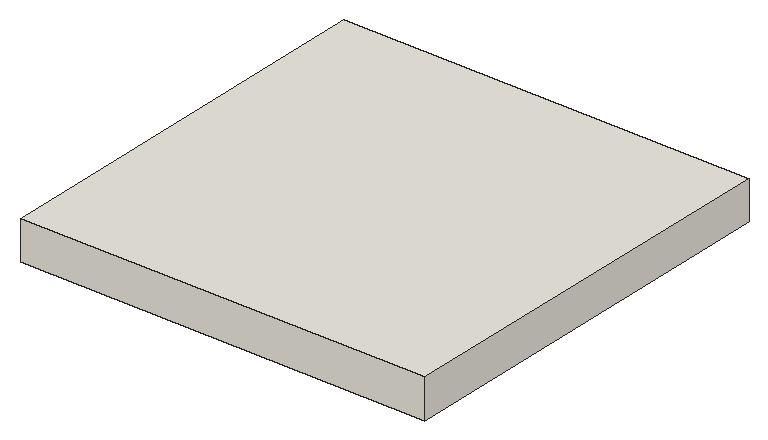
Revit family "UNIVERSAL", category Осветительные приборы, Revit 2019 (continued)
Types (12, lengths in mm): name | Файл фотометрической сетки | built-in parameter 1150105 | Lumens | built-in parameter 1150106 | built-in parameter 1150142 | Wattage | Emit from Rectangle Width | Emit from Rectangle Length | Длина | Ширина | ADSK_Ток | ADSK_Полная мощность | ADSK_Обозначение | ADSK_Номинальная мощность | ADSK_Наименование | ADSK_Код изделия
  CSVT Universal - 34/opa-sand 595x595х55 (IP20, 4000К) с БАП на 3 часа | "CSVT Universal-34_opal-sand.ies" | 246.69 (stored number, unit not read) | 3100 lm | 2.4669 (stored number, unit not read) | "IESNA:LM-63-95\r\n[TEST] Протокол № 50-12 \r\n[DATA] 20.06.2016\r\n[MORE] \r\n[MANUFAC] ЗАО \"Центрстройсвет\"\r\n[LUMCAT]  Светильник ALUMOGIPS-38/OPAL-SAND-(610x610)\r\n[LUMINAIRE]\r\n[LAMPCAT] Светодиоды\r\n[LAMP] Поток источника света (светодиодов) не известен\r\n[MORE] КСС приведена в абсолютных величинах кд\r\n[MORE] Вместо потока лампы, указан поток светильника.\r\nTILT=NONE\r\n1    3750 1.0 37 73 1 2 0.61 0.61 0.04\r\n1.0 1.0 38.7\r\n0.0 5.0 10.0 15.0 20.0 25.0 30.0 35.0 40.0 45.0 50.0 55.0 60.0 65.0 70.0 75.0 80.0 85.0 90.0 95.0 100.0 105.0 110.0 115.0 120.0 125.0 130.0 135.0 140.0 145.0 150.0 155.0 160.0 165.0 170.0 175.0 180.0\r\n0.0 5.0 10.0 15.0 20.0 25.0 30.0 35.0 40.0 45.0 50.0 55.0 60.0 65.0 70.0 75.0 80.0 85.0 90.0 95.0 100.0 105.0 110.0 115.0 120.0 125.0 130.0 135.0 140.0 145.0 150.0 155.0 160.0 165.0 170.0 175.0 180.0 185.0 190.0 195.0 200.0 205.0 210.0 215.0 220.0 225.0 230.0 235.0 240.0 245.0 250.0 255.0 260.0 265.0 270.0 275.0 280.0 285.0 290.0 295.0 300.0 305.0 310.0 315.0 320.0 325.0 330.0 335.0 340.0 345.0 350.0 355.0 360.0\r\n1391.4 1390.6 1365.7 1330.6 1277.5 1214.9 1147.5 1059.6 967.6 873.2 772.4 664.9 556.3 449.1 342.7 240.6 147.1 64.2 4.7 0.0 0.0 0.0 0.0 0.0 0.0 0.0 0.0 0.0 0.0 0.0 0.0 0.0 0.0 0.0 0.0 0.0 0.0\r\n1391.4 1390.5 1367.8 1332.7 1284.3 1221.3 1147.0 1062.1 969.2 872.4 773.2 666.3 557.1 450.1 343.8 241.9 146.9 64.7 5.2 0.0 0.0 0.0 0.0 0.0 0.0 0.0 0.0 0.0 0.0 0.0 0.0 0.0 0.0 0.0 0.0 0.0 0.0\r\n1391.4 1390.2 1372.0 1333.3 1277.3 1216.8 1144.5 1057.4 969.6 875.1 773.8 669.5 560.0 454.6 345.8 242.4 148.5 65.8 5.4 0.0 0.0 0.0 0.0 0.0 0.0 0.0 0.0 0.0 0.0 0.0 0.0 0.0 0.0 0.0 0.0 0.0 0.0\r\n1391.4 1389.8 1371.2 1330.7 1279.5 1220.5 1148.3 1059.9 967.7 873.2 767.5 666.8 561.4 453.0 347.1 243.7 149.9 65.6 5.8 0.0 0.0 0.0 0.0 0.0 0.0 0.0 0.0 0.0 0.0 0.0 0.0 0.0 0.0 0.0 0.0 0.0 0.0\r\n1391.4 1389.8 1368.3 1329.3 1285.0 1214.6 1141.1 1058.7 971.8 871.3 775.2 666.9 559.4 452.6 345.8 242.5 150.0 65.8 6.1 0.0 0.0 0.0 0.0 0.0 0.0 0.0 0.0 0.0 0.0 0.0 0.0 0.0 0.0 0.0 0.0 0.0 0.0\r\n1391.4 1390.5 1367.3 1332.3 1281.7 1219.0 1142.8 1064.6 970.5 874.4 772.1 667.5 560.2 453.0 346.2 241.8 149.4 65.7 5.6 0.0 0.0 0.0 0.0 0.0 0.0 0.0 0.0 0.0 0.0 0.0 0.0 0.0 0.0 0.0 0.0 0.0 0.0\r\n1391.4 1391.4 1368.1 1333.5 1277.3 1215.7 1139.0 1059.6 968.1 872.4 771.6 667.4 558.8 453.3 344.3 243.9 148.4 65.7 5.4 0.0 0.0 0.0 0.0 0.0 0.0 0.0 0.0 0.0 0.0 0.0 0.0 0.0 0.0 0.0 0.0 0.0 0.0\r\n1391.4 1391.7 1368.1 1330.4 1278.2 1213.9 1142.4 1061.6 967.4 875.1 772.0 669.3 561.1 452.5 345.2 242.1 148.3 65.4 5.5 0.0 0.0 0.0 0.0 0.0 0.0 0.0 0.0 0.0 0.0 0.0 0.0 0.0 0.0 0.0 0.0 0.0 0.0\r\n1391.4 1391.5 1371.0 1328.4 1278.5 1216.7 1142.1 1061.2 971.8 874.7 772.1 668.9 560.8 452.9 345.4 243.3 147.7 66.0 5.4 0.0 0.0 0.0 0.0 0.0 0.0 0.0 0.0 0.0 0.0 0.0 0.0 0.0 0.0 0.0 0.0 0.0 0.0\r\n1391.4 1391.5 1373.2 1330.5 1277.3 1215.5 1143.2 1063.6 967.0 872.7 772.2 669.4 558.9 453.2 346.6 241.9 148.1 65.2 5.5 0.0 0.0 0.0 0.0 0.0 0.0 0.0 0.0 0.0 0.0 0.0 0.0 0.0 0.0 0.0 0.0 0.0 0.0\r\n1391.4 1391.4 1369.7 1328.3 1281.3 1216.0 1139.8 1057.9 968.7 875.3 773.9 667.6 561.8 454.0 344.0 243.1 147.2 65.6 5.5 0.0 0.0 0.0 0.0 0.0 0.0 0.0 0.0 0.0 0.0 0.0 0.0 0.0 0.0 0.0 0.0 0.0 0.0\r\n1391.4 1390.5 1367.9 1330.1 1278.1 1218.1 1138.9 1061.0 970.0 871.8 770.4 669.3 560.2 453.4 346.9 242.1 148.3 65.2 5.2 0.0 0.0 0.0 0.0 0.0 0.0 0.0 0.0 0.0 0.0 0.0 0.0 0.0 0.0 0.0 0.0 0.0 0.0\r\n1391.4 1389.3 1368.2 1329.1 1280.8 1214.4 1142.5 1059.2 967.2 874.3 772.4 668.0 563.1 452.3 345.7 242.8 146.8 64.9 5.1 0.0 0.0 0.0 0.0 0.0 0.0 0.0 0.0 0.0 0.0 0.0 0.0 0.0 0.0 0.0 0.0 0.0 0.0\r\n1391.4 1388.6 1367.4 1327.8 1278.0 1215.7 1141.0 1061.0 971.5 877.3 771.2 667.3 561.5 453.0 346.4 242.4 146.3 64.8 5.2 0.0 0.0 0.0 0.0 0.0 0.0 0.0 0.0 0.0 0.0 0.0 0.0 0.0 0.0 0.0 0.0 0.0 0.0\r\n1391.4 1388.0 1367.6 1326.7 1278.3 1218.0 1140.9 1061.5 968.4 873.4 770.1 666.6 562.1 454.6 344.8 241.8 146.4 64.0 5.5 0.0 0.0 0.0 0.0 0.0 0.0 0.0 0.0 0.0 0.0 0.0 0.0 0.0 0.0 0.0 0.0 0.0 0.0\r\n1391.4 1387.2 1366.1 1331.0 1281.4 1216.3 1142.7 1059.1 969.4 871.5 772.2 667.3 560.5 453.0 344.4 242.2 146.4 63.8 5.6 0.0 0.0 0.0 0.0 0.0 0.0 0.0 0.0 0.0 0.0 0.0 0.0 0.0 0.0 0.0 0.0 0.0 0.0\r\n1391.4 1387.1 1366.3 1328.7 1276.9 1214.5 1141.2 1059.3 968.4 874.3 775.5 668.3 562.5 454.9 346.4 241.3 146.2 63.5 5.7 0.0 0.0 0.0 0.0 0.0 0.0 0.0 0.0 0.0 0.0 0.0 0.0 0.0 0.0 0.0 0.0 0.0 0.0\r\n1391.4 1388.4 1366.0 1329.7 1279.2 1217.9 1140.0 1060.5 969.0 873.9 772.0 671.3 560.4 453.2 343.7 241.7 145.8 63.7 5.4 0.0 0.0 0.0 0.0 0.0 0.0 0.0 0.0 0.0 0.0 0.0 0.0 0.0 0.0 0.0 0.0 0.0 0.0\r\n1391.4 1389.6 1367.7 1329.3 1277.2 1211.1 1140.1 1061.0 971.0 871.2 769.2 669.1 561.5 453.1 343.3 241.9 145.8 63.4 5.2 0.0 0.0 0.0 0.0 0.0 0.0 0.0 0.0 0.0 0.0 0.0 0.0 0.0 0.0 0.0 0.0 0.0 0.0\r\n1391.4 1388.8 1366.9 1327.1 1279.4 1214.2 1142.5 1056.4 970.7 870.3 771.0 665.1 560.4 453.3 343.8 241.1 145.7 63.4 5.2 0.0 0.0 0.0 0.0 0.0 0.0 0.0 0.0 0.0 0.0 0.0 0.0 0.0 0.0 0.0 0.0 0.0 0.0\r\n1391.4 1387.2 1365.8 1328.9 1276.6 1210.2 1141.4 1059.3 966.6 871.4 770.5 667.4 559.2 451.4 344.2 241.0 145.6 63.2 5.1 0.0 0.0 0.0 0.0 0.0 0.0 0.0 0.0 0.0 0.0 0.0 0.0 0.0 0.0 0.0 0.0 0.0 0.0\r\n1391.4 1386.8 1364.4 1329.8 1279.4 1213.7 1144.0 1059.0 965.3 873.7 768.8 668.9 559.4 449.5 342.6 241.5 144.6 63.4 5.0 0.0 0.0 0.0 0.0 0.0 0.0 0.0 0.0 0.0 0.0 0.0 0.0 0.0 0.0 0.0 0.0 0.0 0.0\r\n1391.4 1388.1 1365.8 1328.1 1273.8 1213.4 1137.9 1059.2 967.3 869.2 769.3 667.7 558.4 451.4 344.0 240.6 145.7 63.4 4.9 0.0 0.0 0.0 0.0 0.0 0.0 0.0 0.0 0.0 0.0 0.0 0.0 0.0 0.0 0.0 0.0 0.0 0.0\r\n1391.4 1389.2 1364.4 1323.2 1276.3 1213.8 1137.6 1055.3 963.1 871.0 767.7 664.1 559.7 447.1 342.4 240.1 145.2 63.9 5.1 0.0 0.0 0.0 0.0 0.0 0.0 0.0 0.0 0.0 0.0 0.0 0.0 0.0 0.0 0.0 0.0 0.0 0.0\r\n1391.4 1388.4 1362.3 1326.8 1274.4 1212.2 1137.9 1054.7 966.7 867.9 768.7 663.4 557.3 449.2 343.3 240.0 145.7 63.6 5.0 0.0 0.0 0.0 0.0 0.0 0.0 0.0 0.0 0.0 0.0 0.0 0.0 0.0 0.0 0.0 0.0 0.0 0.0\r\n1391.4 1386.2 1361.8 1326.5 1273.3 1211.2 1134.5 1048.6 964.3 866.3 767.8 662.9 556.7 449.5 341.9 239.8 145.7 63.7 5.0 0.0 0.0 0.0 0.0 0.0 0.0 0.0 0.0 0.0 0.0 0.0 0.0 0.0 0.0 0.0 0.0 0.0 0.0\r\n1391.4 1384.4 1363.5 1324.4 1272.0 1209.5 1137.2 1053.0 960.2 867.5 767.9 662.7 556.7 449.2 342.5 239.1 146.2 63.8 4.8 0.0 0.0 0.0 0.0 0.0 0.0 0.0 0.0 0.0 0.0 0.0 0.0 0.0 0.0 0.0 0.0 0.0 0.0\r\n1391.4 1383.7 1362.4 1324.4 1274.0 1209.5 1134.4 1050.1 965.4 864.9 764.6 662.3 556.6 447.9 340.5 240.3 145.5 64.6 4.6 0.0 0.0 0.0 0.0 0.0 0.0 0.0 0.0 0.0 0.0 0.0 0.0 0.0 0.0 0.0 0.0 0.0 0.0\r\n1391.4 1384.4 1361.9 1326.9 1270.2 1207.3 1132.7 1050.1 959.7 867.7 763.1 662.2 555.0 447.3 343.0 238.3 145.8 63.9 4.7 0.0 0.0 0.0 0.0 0.0 0.0 0.0 0.0 0.0 0.0 0.0 0.0 0.0 0.0 0.0 0.0 0.0 0.0\r\n1391.4 1385.1 1363.0 1320.0 1270.4 1207.9 1134.4 1055.0 963.5 867.3 766.7 660.7 555.9 450.1 342.6 240.2 145.9 64.3 4.9 0.0 0.0 0.0 0.0 0.0 0.0 0.0 0.0 0.0 0.0 0.0 0.0 0.0 0.0 0.0 0.0 0.0 0.0\r\n1391.4 1384.9 1362.3 1321.4 1273.1 1208.0 1135.4 1052.3 961.9 865.0 764.0 660.8 553.5 447.6 341.2 240.3 146.1 63.8 4.8 0.0 0.0 0.0 0.0 0.0 0.0 0.0 0.0 0.0 0.0 0.0 0.0 0.0 0.0 0.0 0.0 0.0 0.0\r\n1391.4 1383.8 1361.2 1322.1 1265.1 1211.5 1132.8 1049.3 961.3 863.4 764.0 661.0 550.7 447.9 341.0 240.1 146.2 63.8 4.6 0.0 0.0 0.0 0.0 0.0 0.0 0.0 0.0 0.0 0.0 0.0 0.0 0.0 0.0 0.0 0.0 0.0 0.0\r\n1391.4 1382.8 1359.3 1321.5 1269.3 1206.8 1132.8 1051.1 958.3 863.2 763.1 662.7 553.4 448.0 340.4 240.0 145.8 63.8 4.0 0.0 0.0 0.0 0.0 0.0 0.0 0.0 0.0 0.0 0.0 0.0 0.0 0.0 0.0 0.0 0.0 0.0 0.0\r\n1391.4 1382.6 1359.0 1319.6 1268.1 1204.3 1129.8 1049.0 957.7 861.8 761.7 658.4 554.2 446.1 340.4 239.0 145.6 63.8 3.8 0.0 0.0 0.0 0.0 0.0 0.0 0.0 0.0 0.0 0.0 0.0 0.0 0.0 0.0 0.0 0.0 0.0 0.0\r\n1391.4 1382.8 1358.5 1315.8 1266.5 1202.1 1128.5 1049.2 957.6 860.0 762.1 658.2 549.9 443.8 339.6 238.4 145.7 63.6 3.7 0.0 0.0 0.0 0.0 0.0 0.0 0.0 0.0 0.0 0.0 0.0 0.0 0.0 0.0 0.0 0.0 0.0 0.0\r\n1391.4 1382.2 1360.5 1319.2 1265.9 1204.5 1129.9 1046.9 955.0 862.9 758.9 657.9 552.5 444.9 338.9 238.8 145.3 63.6 3.3 0.0 0.0 0.0 0.0 0.0 0.0 0.0 0.0 0.0 0.0 0.0 0.0 0.0 0.0 0.0 0.0 0.0 0.0\r\n1391.4 1381.1 1361.2 1321.0 1268.1 1203.8 1128.8 1047.4 955.6 863.7 761.1 656.4 551.5 445.2 339.2 238.5 144.7 62.5 3.5 0.0 0.0 0.0 0.0 0.0 0.0 0.0 0.0 0.0 0.0 0.0 0.0 0.0 0.0 0.0 0.0 0.0 0.0\r\n1391.4 1380.6 1359.0 1316.4 1268.5 1204.0 1126.1 1049.5 956.2 859.6 759.7 656.5 549.2 444.3 338.4 236.1 143.8 61.6 3.2 0.0 0.0 0.0 0.0 0.0 0.0 0.0 0.0 0.0 0.0 0.0 0.0 0.0 0.0 0.0 0.0 0.0 0.0\r\n1391.4 1380.7 1356.6 1316.0 1267.0 1205.6 1130.3 1044.8 956.9 856.7 759.3 653.5 548.1 441.9 335.3 235.4 141.4 60.3 2.9 0.0 0.0 0.0 0.0 0.0 0.0 0.0 0.0 0.0 0.0 0.0 0.0 0.0 0.0 0.0 0.0 0.0 0.0\r\n1391.4 1380.4 1354.4 1317.9 1268.8 1199.0 1129.0 1044.0 956.9 860.6 758.3 656.9 549.1 442.0 334.4 236.1 141.7 60.5 2.6 0.0 0.0 0.0 0.0 0.0 0.0 0.0 0.0 0.0 0.0 0.0 0.0 0.0 0.0 0.0 0.0 0.0 0.0\r\n1391.4 1380.1 1356.7 1322.1 1264.6 1201.7 1129.9 1047.4 957.2 859.7 758.2 656.1 549.4 442.8 335.3 235.8 141.3 60.6 2.3 0.0 0.0 0.0 0.0 0.0 0.0 0.0 0.0 0.0 0.0 0.0 0.0 0.0 0.0 0.0 0.0 0.0 0.0\r\n1391.4 1379.9 1357.3 1317.5 1265.9 1207.8 1129.2 1046.5 955.7 860.2 758.6 656.9 550.7 441.9 335.4 233.9 140.6 60.2 2.4 0.0 0.0 0.0 0.0 0.0 0.0 0.0 0.0 0.0 0.0 0.0 0.0 0.0 0.0 0.0 0.0 0.0 0.0\r\n1391.4 1379.2 1355.5 1314.6 1269.3 1203.7 1133.5 1044.8 957.2 857.9 762.0 656.6 548.7 440.4 335.9 234.5 140.4 59.8 2.8 0.0 0.0 0.0 0.0 0.0 0.0 0.0 0.0 0.0 0.0 0.0 0.0 0.0 0.0 0.0 0.0 0.0 0.0\r\n1391.4 1377.9 1357.1 1319.2 1271.9 1204.4 1128.6 1050.2 953.1 856.9 757.6 653.7 548.9 439.9 335.4 232.4 140.5 59.2 3.0 0.0 0.0 0.0 0.0 0.0 0.0 0.0 0.0 0.0 0.0 0.0 0.0 0.0 0.0 0.0 0.0 0.0 0.0\r\n1391.4 1377.2 1356.3 1322.9 1266.0 1204.8 1132.2 1049.0 958.1 859.3 759.0 654.6 547.0 441.6 334.9 232.1 139.3 58.8 2.9 0.0 0.0 0.0 0.0 0.0 0.0 0.0 0.0 0.0 0.0 0.0 0.0 0.0 0.0 0.0 0.0 0.0 0.0\r\n1391.4 1377.8 1353.8 1319.7 1269.6 1207.9 1135.8 1049.5 955.8 858.0 762.4 655.9 548.2 441.6 335.6 231.7 139.4 58.8 2.8 0.0 0.0 0.0 0.0 0.0 0.0 0.0 0.0 0.0 0.0 0.0 0.0 0.0 0.0 0.0 0.0 0.0 0.0\r\n1391.4 1378.5 1355.2 1319.8 1267.3 1206.5 1131.2 1046.1 954.6 861.2 756.6 653.8 548.1 440.3 335.0 232.6 138.6 59.0 2.9 0.0 0.0 0.0 0.0 0.0 0.0 0.0 0.0 0.0 0.0 0.0 0.0 0.0 0.0 0.0 0.0 0.0 0.0\r\n1391.4 1378.6 1355.1 1318.3 1269.7 1200.8 1133.1 1049.0 957.6 862.5 762.4 656.9 549.3 443.5 334.7 231.2 138.8 58.1 3.0 0.0 0.0 0.0 0.0 0.0 0.0 0.0 0.0 0.0 0.0 0.0 0.0 0.0 0.0 0.0 0.0 0.0 0.0\r\n1391.4 1378.8 1355.8 1321.7 1268.8 1210.0 1129.0 1048.5 958.8 862.4 762.2 656.4 549.0 441.1 335.4 231.5 138.5 58.1 3.0 0.0 0.0 0.0 0.0 0.0 0.0 0.0 0.0 0.0 0.0 0.0 0.0 0.0 0.0 0.0 0.0 0.0 0.0\r\n1391.4 1379.6 1357.6 1321.7 1269.0 1207.1 1133.9 1047.0 964.1 863.3 761.9 656.4 551.5 440.7 334.9 232.2 137.6 58.1 2.8 0.0 0.0 0.0 0.0 0.0 0.0 0.0 0.0 0.0 0.0 0.0 0.0 0.0 0.0 0.0 0.0 0.0 0.0\r\n1391.4 1380.6 1357.7 1319.2 1272.0 1207.5 1131.3 1054.6 959.0 863.3 764.8 655.9 549.1 443.0 335.1 231.3 138.0 58.1 2.7 0.0 0.0 0.0 0.0 0.0 0.0 0.0 0.0 0.0 0.0 0.0 0.0 0.0 0.0 0.0 0.0 0.0 0.0\r\n1391.4 1381.5 1358.5 1321.9 1271.0 1204.1 1135.9 1055.8 962.5 865.5 761.1 656.9 550.6 442.0 335.3 231.9 137.4 57.9 2.6 0.0 0.0 0.0 0.0 0.0 0.0 0.0 0.0 0.0 0.0 0.0 0.0 0.0 0.0 0.0 0.0 0.0 0.0\r\n1391.4 1381.3 1358.5 1322.3 1270.8 1207.2 1133.7 1051.9 958.0 867.3 767.5 657.0 552.1 442.3 333.6 231.2 137.9 57.8 2.6 0.0 0.0 0.0 0.0 0.0 0.0 0.0 0.0 0.0 0.0 0.0 0.0 0.0 0.0 0.0 0.0 0.0 0.0\r\n1391.4 1380.6 1359.4 1319.7 1270.6 1209.0 1133.0 1052.1 963.9 867.5 764.1 660.0 554.0 443.3 334.8 231.7 137.6 57.8 2.7 0.0 0.0 0.0 0.0 0.0 0.0 0.0 0.0 0.0 0.0 0.0 0.0 0.0 0.0 0.0 0.0 0.0 0.0\r\n1391.4 1381.3 1359.9 1321.3 1270.6 1204.8 1135.0 1051.3 962.1 865.5 761.7 660.3 553.1 443.5 334.1 231.9 137.9 57.8 2.8 0.0 0.0 0.0 0.0 0.0 0.0 0.0 0.0 0.0 0.0 0.0 0.0 0.0 0.0 0.0 0.0 0.0 0.0\r\n1391.4 1383.1 1362.1 1324.8 1273.8 1208.7 1134.8 1055.9 961.8 866.4 762.3 659.7 552.4 443.7 334.4 232.8 138.0 58.0 2.8 0.0 0.0 0.0 0.0 0.0 0.0 0.0 0.0 0.0 0.0 0.0 0.0 0.0 0.0 0.0 0.0 0.0 0.0\r\n1391.4 1384.6 1360.4 1321.7 1272.0 1210.6 1130.9 1052.5 963.1 866.7 767.4 659.3 553.7 444.6 335.4 233.1 138.3 58.0 2.8 0.0 0.0 0.0 0.0 0.0 0.0 0.0 0.0 0.0 0.0 0.0 0.0 0.0 0.0 0.0 0.0 0.0 0.0\r\n1391.4 1385.6 1357.5 1324.7 1273.9 1211.6 1134.3 1052.7 963.6 865.4 763.1 658.7 552.2 444.9 336.9 232.8 138.8 58.6 2.9 0.0 0.0 0.0 0.0 0.0 0.0 0.0 0.0 0.0 0.0 0.0 0.0 0.0 0.0 0.0 0.0 0.0 0.0\r\n1391.4 1386.4 1357.8 1323.4 1273.2 1212.2 1136.3 1054.7 967.5 867.5 764.0 659.4 553.3 443.7 336.8 233.2 138.9 58.5 3.1 0.0 0.0 0.0 0.0 0.0 0.0 0.0 0.0 0.0 0.0 0.0 0.0 0.0 0.0 0.0 0.0 0.0 0.0\r\n1391.4 1386.6 1362.0 1324.9 1273.2 1211.3 1139.0 1049.9 960.3 866.4 768.0 661.3 552.2 443.4 336.3 233.4 139.8 58.9 3.1 0.0 0.0 0.0 0.0 0.0 0.0 0.0 0.0 0.0 0.0 0.0 0.0 0.0 0.0 0.0 0.0 0.0 0.0\r\n1391.4 1386.0 1360.5 1326.0 1271.8 1212.0 1137.2 1059.3 963.5 867.6 766.9 661.2 552.3 445.8 337.8 233.6 141.0 59.2 3.3 0.0 0.0 0.0 0.0 0.0 0.0 0.0 0.0 0.0 0.0 0.0 0.0 0.0 0.0 0.0 0.0 0.0 0.0\r\n1391.4 1385.0 1362.3 1325.1 1272.0 1207.1 1138.5 1053.6 964.5 865.8 766.5 661.6 554.3 445.9 337.0 234.5 140.4 60.2 3.5 0.0 0.0 0.0 0.0 0.0 0.0 0.0 0.0 0.0 0.0 0.0 0.0 0.0 0.0 0.0 0.0 0.0 0.0\r\n1391.4 1384.4 1361.8 1323.6 1274.0 1214.8 1138.9 1053.9 968.0 867.9 769.0 663.8 555.6 446.7 339.6 235.0 141.3 60.4 3.4 0.0 0.0 0.0 0.0 0.0 0.0 0.0 0.0 0.0 0.0 0.0 0.0 0.0 0.0 0.0 0.0 0.0 0.0\r\n1391.4 1385.0 1360.9 1322.2 1272.4 1209.8 1137.2 1055.7 962.7 869.7 769.6 658.2 556.6 447.4 338.5 236.2 142.5 60.7 3.4 0.0 0.0 0.0 0.0 0.0 0.0 0.0 0.0 0.0 0.0 0.0 0.0 0.0 0.0 0.0 0.0 0.0 0.0\r\n1391.4 1386.6 1363.1 1323.6 1272.5 1211.5 1139.2 1058.4 969.9 868.0 768.8 664.6 556.3 445.8 342.1 236.1 142.3 61.2 3.5 0.0 0.0 0.0 0.0 0.0 0.0 0.0 0.0 0.0 0.0 0.0 0.0 0.0 0.0 0.0 0.0 0.0 0.0\r\n1391.4 1388.6 1360.9 1330.2 1273.7 1213.2 1138.7 1058.3 966.2 867.0 766.8 663.4 553.3 447.1 339.2 238.7 143.0 61.4 3.8 0.0 0.0 0.0 0.0 0.0 0.0 0.0 0.0 0.0 0.0 0.0 0.0 0.0 0.0 0.0 0.0 0.0 0.0\r\n1391.4 1389.8 1360.8 1328.4 1276.8 1216.0 1140.1 1055.8 963.1 870.3 768.4 663.1 554.0 449.1 340.1 237.3 144.8 61.7 3.8 0.0 0.0 0.0 0.0 0.0 0.0 0.0 0.0 0.0 0.0 0.0 0.0 0.0 0.0 0.0 0.0 0.0 0.0\r\n1391.4 1389.3 1362.5 1325.9 1278.0 1210.4 1138.2 1054.7 967.8 872.7 770.2 661.9 556.5 446.9 341.3 237.7 144.4 62.5 3.9 0.0 0.0 0.0 0.0 0.0 0.0 0.0 0.0 0.0 0.0 0.0 0.0 0.0 0.0 0.0 0.0 0.0 0.0\r\n1391.4 1387.8 1365.8 1326.6 1274.3 1213.2 1141.4 1053.1 966.2 871.2 768.4 663.7 555.0 447.1 341.3 238.2 144.3 62.7 4.1 0.0 0.0 0.0 0.0 0.0 0.0 0.0 0.0 0.0 0.0 0.0 0.0 0.0 0.0 0.0 0.0 0.0 0.0\r\n1391.4 1387.2 1364.2 1328.3 1274.8 1209.4 1145.0 1060.0 963.9 867.5 766.5 663.4 556.7 448.2 340.9 240.3 144.7 63.3 4.0 0.0 0.0 0.0 0.0 0.0 0.0 0.0 0.0 0.0 0.0 0.0 0.0 0.0 0.0 0.0 0.0 0.0 0.0\r\n1391.4 1388.4 1364.9 1332.6 1279.0 1215.6 1140.9 1056.3 969.3 867.1 770.0 663.8 559.0 449.0 342.4 240.3 145.7 63.3 4.7 0.0 0.0 0.0 0.0 0.0 0.0 0.0 0.0 0.0 0.0 0.0 0.0 0.0 0.0 0.0 0.0 0.0 0.0\r\n1391.4 1390.0 1364.5 1329.3 1281.4 1217.7 1141.3 1063.3 970.3 871.1 768.8 663.5 555.2 449.3 342.4 239.8 146.6 63.3 4.9 0.0 0.0 0.0 0.0 0.0 0.0 0.0 0.0 0.0 0.0 0.0 0.0 0.0 0.0 0.0 0.0 0.0 0.0\r\n1391.4 1390.6 1365.7 1330.6 1277.5 1214.9 1147.5 1059.6 967.6 873.2 772.4 664.9 556.3 449.1 342.7 240.6 147.1 64.2 4.7 0.0 0.0 0.0 0.0 0.0 0.0 0.0 0.0 0.0 0.0 0.0 0.0 0.0 0.0 0.0 0.0 0.0 0.0\r\n" | 20.8695 W | 555 | 555 | 595 | 595 | 0.151229 A | 34.7826 VA | "CSVT Universal - 34/opal- sand 595x595х55 (IP20, 4000К)" | 32 W | "Универсальный светодиодный светильник CSVT Universal - 34/opa-sand 595x595х55 (IP20, 4000К) с БАП на 3 часа" | "ЦБ000007798"
  CSVT Universal - 34/prisma 595х595х55 (IP20, 4000К) | "CSVT Universal-34_opal-sand.ies" | 246.69 (stored number, unit not read) | 3100 lm | 2.4669 (stored number, unit not read) | "IESNA:LM-63-1995\r\n[DATA] 04.05.2017\r\n[MANUFAC] Joint stock company Centrstroysvet\r\n[LUMCAT] CSVT Universal-34/opal-sand\r\n[LUMINAIRE] for General illumination of public buildings and other similar premises\r\n[LAMP] LED\r\nTILT=NONE\r\n1 3323 3.323 91 1 1 2\r\n0.595 0.595 0.055\r\n1 1 31.12\r\n0 1 2 3 4 5 6 7 8 9 10 11 12 13 14 15 16 17 18 19 20 21 22 23 24 25 26 27 28 29 30 31 32 33 34 35 36 37 38 39 40 41 42 43 44 45 46 47 48 49 50 51 52 53 54 55 56 57 58 59 60 61 62 63 64 65 66 67 68 69 70 71 72 73 74 75 76 77 78 79 80 81 82 83 84 85 86 87 88 89 90 \r\n0 \r\n374.6 374.5 374.3 373.9 373.4 372.6 371.6 370.6 369.3 367.9 366.3 364.6 362.6 360.7 358.5 356.1 353.6 351 348.2 345.3 342.2 339.1 335.7 332.4 328.8 325.1 321.3 317.4 313.3 309.3 305 300.6 296.3 291.7 287.2 282.5 277.7 273 268.1 263.2 258.1 253.1 247.9 242.9 237.5 232.3 227 221.6 216.2 210.8 205.2 199.7 194 188.4 182.7 177.1 171.3 165.6 159.9 154.1 148.3 142.5 136.6 130.7 125 119 113.1 107.3 101.4 95.6 89.8 84 78.4 72.8 67.2 61.8 56.3 51.1 45.9 40.9 36 31.4 27 22.7 18.6 14.8 11.2 7.8 4.6 2 0\r\n" | 20.8695 W | 555 | 555 | 595 | 595 | 0.151229 A | 34.7826 VA | "CSVT Universal - 34/prisma 595х595х55 (IP20, 4000К)" | 32 W | "Универсальный светодиодный светильник CSVT Universal - 34/prisma 595х595х55 (IP20, 4000К)" | "ЦБ000005855"
